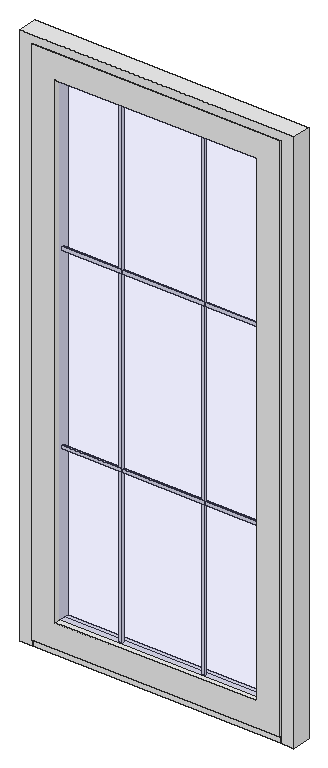
Revit family "Door_Curtain_Wall-Outswing-Traco-NX-8910-One_Panel", category Curtain Panels, Revit 2015
Parameters (values of type "NX-8910 - One_Panel")
  Water Resistance = 15.0000 psf
  Uniform Load Structural = 75.0000 psf
  Uniform Load Deflection = 50.0000 psf
  Sill Type = Door_Frame-Outswing-Traco-(NX-8910)-Single_Panel : Standard Sill
  Product data url = "https://bimobject.com/kawneerna/product/89101"
  Product Page URL = "http://www.alcoa.com/traco/en/product.asp?cat_id=1912&prod_id=4259"
  Product Documentation Link = "http://www.alcoa.com/traco/en/cad_spec.asp?cat_id=1912&prod_id=4259&area=prod"
  Panel Width [instance] = Door Width - 0' 4 1/2"  # 3' - 7 1/2"
  Panel Material [instance] = Aluminum - Traco - Anodized - Gray
  Panel Height [instance] = Door Height - 0' 2 1/2"  # 7' - 9 1/2"
  Muntin Type = Muntin-Grid-Traco-Lites : Interior
  Glass Material [instance] = Glass - Traco - Clear
  Frame Material [instance] = Aluminum - Traco - Anodized - Gray
  Door Width [instance] = if(CTRL Opening Width < Door Width Minimum, Door Width Minimum, if(CTRL Opening Width > Door Width Maximum, Door Width Maximum, CTRL Opening Width))  # 4' - 0"
  Door Height [instance] = if(CTRL Opening Height < Door Height Minimum, Door Height Minimum, if(CTRL Opening Height > Door Height Maximum, Door Height Maximum, CTRL Opening Height))  # 8' - 0"
  Door Base = 0' - 1 1/8"
  Copyright © = "2011 Traco"  # constant formula
  CTRL Opening Width [instance] = 5' - 5.50212"
  URL = "http://www.alcoa.com/traco/en/home.asp"
  U Factor = "0.40*"
  Type Comments = "1 Panel"
  Test Size = "48\" X 96\""
  Muntin [instance] = yes
  Model = "NX-8910"
  Manufacturer = "Traco"  # constant formula
  CTRL Opening Height [instance] = 8' - 0"
  Forced Entry Resistance = ""
  Door Width Minimum [instance] = 3' - 0"
  Door Width Maximum [instance] = 4' - 0"
  Door Swing Angle [instance] = 90.00°
  Door Height Minimum [instance] = 6' - 0"
  Door Height Maximum [instance] = 8' - 0"
  Designation = "AAMA/WDMA/CSA 101/I.S.2/A-440-05: HS-C50 And AAMA/WDMA/CSA 101/I.S.2/A-440-08:AW-PG50-ATD"
  Description = ""
  Condensation Resistance = "48"
  Assembly Code = "B2020220"
  Allowable Air Infiltration Maximum = "0.1 @ 6.2 PSF"
Reference planes (in)
  plane 1 "Front": y = 0
  plane 2 "Bottom": z = 0
  plane 3 "Center (Left/Right)": x = 0
  plane 4 "Left": x = -32.75106
  plane 5 "Right": x = 32.75106
  plane 6 "Top": z = 96
  plane 7 "Door Base": z = 1.125
  plane 8: y = 1.25
  plane 9 "Frame Left": x = -24
  plane 10 "Frame Right": x = 24
  plane 11 "Panel Left": x = -21.75
  plane 12 "Panel Right": x = 21.75
  plane 13 "Stop Front": y = 2.5
Text (in)
  text "Exterior" at (-54.29358, -32.61257, 0), in view "Ref. Level"
  text "Exterior" at (480, 41.53993, 89.60405), in view "Right"
  text "Exterior" at (-240, 57.82419, 105.78864), in view "Left"
Dimensions and locks (in)
  equal spacing: plane 4 "Left", plane 3 "Center (Left/Right)", plane 5 "Right"
  "Door Base": plane 2 "Bottom" to plane 7 "Door Base"
  "CTRL Opening Width": plane 4 "Left" to plane 5 "Right"
  "CTRL Opening Height": plane 6 "Top" to plane 2 "Bottom"
  locked: plane 9 "Frame Left" to plane 11 "Panel Left" at 2.25
  locked: plane 12 "Panel Right" to plane 10 "Frame Right" at 2.25
  locked: plane 1 "Front" to plane 13 "Stop Front" at 2.5
  locked: plane 1 "Front" to plane 8 at 1.25
  aligned and locked: level to plane 2 "Bottom"
  aligned: nested 2 to nested 1
  aligned: nested 1 to nested 2
  aligned and locked: nested 1 to plane 7 "Door Base"
  aligned and locked: nested 3 to plane 7 "Door Base"
  aligned and locked: plane 13 "Stop Front" to nested 1
  aligned: nested 1 to plane 11 "Panel Left"
  aligned and locked: plane 3 "Center (Left/Right)" to nested 1
Nested families (in)
  nested 1: "Door-Glass_Panel-Traco-(TR-8910)" at (14.25, 2.5, 1.125) x (-1, 0, 0) z (0, 0, 1), Width <- "Panel Width", Height <- "Panel Height", Panel Material <- "Panel Material", Glass Material <- "Glass Material", Angle <- "Door Swing Angle", type "S", detail levels fine
    with built-in parameter 1001301 3' - 7 1/2", built-in parameter 1001302 0' - 2 3/4", Panel Offset 0' - 4 1/4", Panel Material Aluminum - Traco - Anodized - Gray, Panel Finish none, Hidden Swing Angle 90.00°, built-in parameter 1001300 7' - 9 1/2", Glazing Thickness 0' - 1", Glazing "Low E-Argon", Glass Material Glass - Traco - Clear, Elevation Swing yes, Angle 90.00°
  nested 2: "Door_Frame-Outswing-Traco-(NX-8910)-Single_Panel" at (0, 1.625, 0), type <- "Sill Type", type "Standard Sill"
    with Standard Sill yes, Optional Sill no
  nested 3: "Muntin-Grid-Traco-Lites" at (0, 1.25, 47.875) x (-1, 0, 0) z (0, 1, 0), Sash Height <- "Panel Height", Length <- "Panel Width", type <- "Muntin Type", visible <- "Muntin", type "Interior"
    with Sash Height 7' - 9 1/2", Material Aluminum - Traco - Anodized - Gray, Length 3' - 7 1/2", Glazing Thickness 0' - 0 7/8", CTRL Muntin Vertical Distance 2' - 7.16667", CTRL Muntin Horizontal Distance 1' - 2 1/2", CTRL Face Offset 0' - 0 1/4", CTRL Bar Vertical Visibility no, CTRL Bar Horizontal Visibility no, CTRL Array Vertical Visibility yes, CTRL Array Horizontal Visibility yes, Has Interior Muntins yes, Has Exterior Muntins no
  nested 4: "Muntin-Trapezoid-Traco-Single" at (-7.25, 1.0625, 47.875) x (0, 0, -1) z (0, 1, 0), type "Standard Colonial"
    with Material Aluminum - Traco - Anodized - Gray, Length 7' - 9 1/2", Width Top 0' - 0 9/16", Width Base 0' - 0 9/16", Height 0' - 0 5/16"
  nested 5: "Muntin-Trapezoid-Traco-Single" at (0, 1.0625, 63.45833) x (1, 0, 0) z (0, 1, 0), type "Standard Colonial"
    with Material Aluminum - Traco - Anodized - Gray, Length 3' - 7 1/2", Width Top 0' - 0 9/16", Width Base 0' - 0 9/16", Height 0' - 0 5/16"
  nested 6: "Muntin-Trapezoid-Traco-Single" at (7.25, 1.0625, 47.875) x (0, 0, -1) z (0, 1, 0), type "Standard Colonial"
    with Material Aluminum - Traco - Anodized - Gray, Length 7' - 9 1/2", Width Top 0' - 0 9/16", Width Base 0' - 0 9/16", Height 0' - 0 5/16"
  nested 7: "Muntin-Trapezoid-Traco-Single" at (0, 1.0625, 32.29167) x (1, 0, 0) z (0, 1, 0), type "Standard Colonial"
    with Material Aluminum - Traco - Anodized - Gray, Length 3' - 7 1/2", Width Top 0' - 0 9/16", Width Base 0' - 0 9/16", Height 0' - 0 5/16"
Definition of nested family "Door-Glass_Panel-Traco-(TR-8910)"
  Parameters
    Width [instance] = 3' - 0"
    Visible Light Transmission = 0
    URL = "www.integratedcontentsolutions.com"
    U Value = 0
    Type Comments = "Panel theory and model developed by Integrated Content Solutions"  # constant formula
    Thickness [instance] = 0' - 2 3/4"
    Stile Right = 0' - 4 1/8"
    Stile Left = 0' - 4 1/8"
    Solar Heat Gain Coefficient = 0
    Rail Head = 0' - 4 1/8"
    Rail Bottom = 0' - 4 1/8"
    R Value = 0
    Product Documentation Link = "www.integratedcontentsolutions.com"
    Panel Offset [instance] = 0' - 4 1/4"
    Panel Material [instance] = none
    Panel Finish [instance] = none
    Manufacturer = "Integrated Content Solutions"  # constant formula
    LEED Credit = ""
    Hidden Swing Angle [instance] = 90.00°
    Height [instance] = 7' - 0"
    Glazing Thickness [instance] = 0' - 1"
    Glazing [instance] = "Low E-Argon"
    Glass Material [instance] = none
    Function = 1
    Energy Star Zone = ""
    Elevation Swing [instance] = yes
    Copyright © = "Integrated Content Solutions © 2009"  # constant formula
    Assembly Code = "C1020110"
    Appear In Schedule = 0 = 1  # no
    Angle [instance] = 90.00°
    Air Leakage = 0
  Reference planes (in)
    plane 1 "Exterior": y = 0
    plane 2 "Bottom": z = 0
    plane 3 "Strike": x = 0
    plane 4 "Interior": y = -2.75
    plane 5 "Hinge": x = 36
    plane 6 "Top": z = 84
    plane 7 "Panel Center of Thickness": y = -1.375
    plane 8 "Panel Left": x = 4.125
    plane 9 "Panel Right": x = 31.875
    plane 10 "Panel Top": z = 79.875
    plane 11 "Panel Bottom": z = 4.125
    plane 12 "Glass Exterior": y = -0.875
    plane 13 "Glass Interior": y = -1.875
    plane 14 "Center L_R": x = 18
  Forms (in)
    Extrusion 1, solid, material <- "Panel Material"
      sketch origin (0, 0, 0) x (1, 0, 0) y (0, 0, 1)
        loop
          line (0, 84) -> (0, 0) -> (36, 0) -> (36, 84) -> (0, 84)
        loop
          line (4.125, 79.875) -> (4.125, 4.125) -> (31.875, 4.125) -> (31.875, 79.875) -> (4.125, 79.875)
      from 0 to 2.75
    Extrusion 2, solid, material <- "Glass Material"
      sketch origin (0, 0, 0) x (1, 0, 0) y (0, 0, -1)
        loop
          line (4.125, -79.875) -> (31.875, -79.875) -> (31.875, -4.125) -> (4.125, -4.125) -> (4.125, -79.875)
      from -1.875 to -0.875
  Lines and regions (in)
    Masking region 1
      outline origin (0, -1.375, 0) x (-1, 0, 0) y (0, 0, 1)
        loop
          line (0, 0) -> (0, 84) -> (-36, 84) -> (-36, 0) -> (0, 0)
        loop
          line (-4.125, 4.125) -> (-4.125, 79.875) -> (-31.875, 79.875) -> (-31.875, 4.125) -> (-4.125, 4.125)
    symbolic lines
      curve 1: line (4.125, -1.375, 4.125) -> (31.875, -1.375, 4.125)
      curve 2: line (4.125, -1.375, 79.875) -> (4.125, -1.375, 4.125)
      curve 3: line (31.875, -1.375, 79.875) -> (4.125, -1.375, 79.875)
      curve 4: line (31.875, -1.375, 4.125) -> (31.875, -1.375, 79.875)
  Dimensions and locks (in)
    "Width": plane 3 "Strike" to plane 5 "Hinge"
    "Thickness": plane 4 "Interior" to plane 1 "Exterior"
    "Height": plane 6 "Top" to plane 2 "Bottom"
    equal spacing: plane 4 "Interior", plane 7 "Panel Center of Thickness", plane 1 "Exterior"
    "Stile Left": plane 8 "Panel Left" to plane 3 "Strike"
    "Stile Right": plane 5 "Hinge" to plane 9 "Panel Right"
    "Rail Bottom": plane 11 "Panel Bottom" to plane 2 "Bottom"
    "Rail Head": plane 6 "Top" to plane 10 "Panel Top"
    equal spacing: plane 13 "Glass Interior", plane 7 "Panel Center of Thickness", plane 12 "Glass Exterior"
    "Glazing Thickness": plane 13 "Glass Interior" to plane 12 "Glass Exterior"
    equal spacing: plane 5 "Hinge", plane 14 "Center L_R", plane 3 "Strike"
    aligned and locked: plane 3 "Strike" to Extrusion 1 sketch curve
    aligned and locked: Extrusion 1 sketch curve to plane 6 "Top"
    aligned and locked: level to Extrusion 1 sketch curve
    aligned and locked: Extrusion 1 sketch curve to plane 5 "Hinge"
    aligned and locked: Extrusion 1 to plane 1 "Exterior"
    aligned and locked: plane 4 "Interior" to Extrusion 1
    aligned and locked: level to plane 2 "Bottom"
    aligned and locked: plane 8 "Panel Left" to Extrusion 1 sketch curve
    aligned and locked: Extrusion 1 sketch curve to plane 10 "Panel Top"
    aligned and locked: plane 11 "Panel Bottom" to Extrusion 1 sketch curve
    aligned and locked: Extrusion 1 sketch curve to plane 9 "Panel Right"
    aligned and locked: Extrusion 2 to plane 13 "Glass Interior"
    aligned and locked: plane 12 "Glass Exterior" to Extrusion 2
    aligned and locked: plane 6 "Top" to Masking region 1 sketch curve
    aligned and locked: Masking region 1 sketch curve to plane 3 "Strike"
    aligned and locked: plane 5 "Hinge" to Masking region 1 sketch curve
    aligned and locked: Masking region 1 sketch curve to plane 2 "Bottom"
    aligned and locked: curve 2 to plane 8 "Panel Left"
    aligned and locked: plane 10 "Panel Top" to curve 3
    aligned and locked: plane 9 "Panel Right" to curve 4
    aligned and locked: curve 1 to plane 11 "Panel Bottom"
    aligned and locked: plane 4 "Interior" to nested 1
    aligned and locked: Extrusion 2 to plane 8 "Panel Left"
    aligned and locked: plane 9 "Panel Right" to Extrusion 2
    aligned and locked: plane 10 "Panel Top" to Masking region 1 sketch curve
    aligned and locked: Masking region 1 sketch curve to plane 8 "Panel Left"
    aligned and locked: plane 9 "Panel Right" to Masking region 1 sketch curve
    aligned and locked: Masking region 1 sketch curve to plane 11 "Panel Bottom"
    aligned and locked: Extrusion 2 sketch curve to plane 10 "Panel Top"
    aligned and locked: Extrusion 2 sketch curve to plane 9 "Panel Right"
    aligned and locked: plane 8 "Panel Left" to Extrusion 2 sketch curve
    aligned and locked: plane 11 "Panel Bottom" to Extrusion 2 sketch curve
  Nested families (in)
    nested 1: "Plan Swing" at (0, -2.75, 0), Width <- "Width", Thickness <- "Thickness", Height <- "Height", Angle <- "Angle", Elevation Swing Visibility <- "Elevation Swing", Hidden Swing Angle <- "Hidden Swing Angle", type "Plan Swing"
      with Width 3' - 0", Thickness 0' - 2 3/4", Slide Indicator Visbility no, Plan Swing Visibility yes, Hidden Swing Visibility no, Hidden Swing Angle 90.00°, Hidden Angle CTRL 90.00°, Height 7' - 0", Elevation Swing Visibility yes, Closed Panel Visaibilty no, Angle CTRL 90.00°, Angle 90.00°
  Definition of nested family "Plan Swing"
    Parameters
      Width [instance] = 3' - 0"
      URL = "www.integratedcontentsolutions.com"
      Type Comments = "Swing graphics developed by Integrated Content Solutions"  # constant formula
      Thickness [instance] = 0' - 2"
      Slide Indicator Visbility [instance] = no
      Plan Swing Visibility [instance] = Angle > 0.00°  # yes
      Manufacturer = "Integrated Content Solutions"  # constant formula
      Hidden Swing Visibility [instance] = yes
      Hidden Swing Angle [instance] = 90.00°
      Hidden Angle CTRL [instance] = if(Hidden Swing Angle < 5.00°, 5.00°, if(Hidden Swing Angle > 175.00°, 175.00°, Hidden Swing Angle))  # 90.00°
      Height [instance] = 7' - 0"
      Elevation Swing Visibility [instance] = yes
      Copyright © = "Integrated Content Solutions © 2009"  # constant formula
      Closed Panel Visaibilty [instance] = Angle = 0.00°  # no
      Assembly Code = ""
      Angle CTRL [instance] = if(Angle < 5.00°, 5.00°, if(Angle > 175.00°, 175.00°, Angle))  # 45.00°
      Angle [instance] = 45.00°
    Reference planes (in)
      plane 1 "Exterior": y = 0
      plane 2 "Bottom": z = 0
      plane 3 "Strike": x = 0
      plane 4 "Hinge": x = 36
      plane 5 "Top": z = 84
      plane 6 "Interior": y = -2
    Lines and regions (in)
      model lines
        curve 1: line (0, 0, 0) -> (0, -2, 0)
        curve 2: line (36, -2, 0) -> (36, 0, 0)
      symbolic lines, visible <- "Plan Swing Visibility"
        curve 3: line (36, 0, 0) -> (10.54416, 25.45584, 0)
        curve 4: line (10.54416, 25.45584, 0) -> (9.12994, 24.04163, 0)
        curve 5: line (9.12994, 24.04163, 0) -> (34.58579, -1.41421, 0)
        curve 6: line (34.58579, -1.41421, 0) -> (36, 0, 0)
        curve 13: arc (10.54416, 25.45584, 0) -> (2.74034, 13.7766, 0) -> (0, 0, 0) r 36
      symbolic lines, visible <- "Elevation Swing Visibility"
        curve 7: line (0, -2, 84) -> (36, -2, 42)
        curve 8: line (36, -2, 42) -> (0, -2, 0)
      symbolic lines, visible <- "Hidden Swing Visibility"
        curve 9: line (36, 0, 0) -> (36, 36, 0)
        curve 10: line (36, 36, 0) -> (34, 36, 0)
        curve 11: line (34, 36, 0) -> (34, 0, 0)
        curve 12: line (34, 0, 0) -> (36, 0, 0)
        curve 18: arc (0, 0, 0) -> (10.54416, 25.45584, 0) -> (36, 36, 0) r 36
      symbolic lines, visible <- "Closed Panel Visaibilty"
        curve 14: line (0, 0, 0) -> (36, 0, 0)
        curve 15: line (0, -2, 0) -> (0, 0, 0)
        curve 16: line (36, -2, 0) -> (0, -2, 0)
        curve 17: line (36, 0, 0) -> (36, -2, 0)
      symbolic lines, visible <- "Slide Indicator Visbility"
        curve 19: line (18, -2, 42.16893) -> (15.87868, -2, 44.29025)
        curve 20: line (18, -2, 42.16893) -> (15.87868, -2, 40.04761)
        curve 21: line (18, -2, 42.16893) -> (9, -2, 42.16893)
    Dimensions and locks (in)
      "Width": plane 3 "Strike" to plane 4 "Hinge"
      "Height": plane 5 "Top" to plane 2 "Bottom"
      equal spacing: plane 5 "Top", curve 8, plane 2 "Bottom"
      "Thickness": plane 6 "Interior" to plane 1 "Exterior"
      "Thickness": curve 3 to curve 5
      "Width": curve 6 to curve 4
      "Width": curve 9 to curve 9
      "Thickness": curve 9 to curve 11
      locked: curve 21 to curve 21 at 9
      equal spacing: plane 4 "Hinge", curve 21, plane 3 "Strike"
      locked: curve 3 to curve 6 (angle 90.00°)
      locked: curve 5 to curve 6 (angle 90.00°)
      locked: curve 4 to curve 3 (angle 90.00°)
      locked: curve 9 to curve 12 (angle 90.00°)
      locked: curve 11 to curve 12 (angle 90.00°)
      locked: curve 10 to curve 9 (angle 90.00°)
      "Hidden Angle CTRL": angle curve 9 to plane 1 "Exterior"
      "Angle CTRL": angle curve 3 to plane 1 "Exterior"
      aligned and locked: plane 2 "Bottom" to level
      aligned and locked: plane 1 "Exterior" to curve 2
      aligned and locked: plane 4 "Hinge" to curve 2
      aligned and locked: plane 6 "Interior" to curve 1
      aligned and locked: plane 6 "Interior" to curve 2
      aligned and locked: plane 4 "Hinge" to curve 9
      aligned and locked: curve 1 to plane 3 "Strike"
      aligned and locked: plane 3 "Strike" to curve 15
      aligned and locked: plane 1 "Exterior" to curve 14
    Automatic sketch dimensions
      curve 8 to level = 0' - 0"
      curve 8 to plane 3 "Strike" = 0' - 0"
      curve 7 to plane 3 "Strike" = 0' - 0"
      curve 7 to plane 4 "Hinge" = 0' - 0"
      curve 7 to plane 5 "Top" = 0' - 0"
      curve 19 to curve 20 = 0' - 0"
      curve 20 to curve 20 = 0' - 2.12132"
      curve 20 to curve 7 = 0' - 1.95239"
      curve 20 to curve 19 = 0' - 2.12132"
Definition of nested family "Door_Frame-Outswing-Traco-(NX-8910)-Single_Panel"
  Parameters
    Standard Sill = no
    Optional Sill = yes
    Jamb Thickness = 0' - 2 1/4"
    Head Thickness = 0' - 1 3/4"
    Frame Material = none
    Frame Depth = 0' - 3 1/4"
    Door Width = 4' - 0"
    Door Height = 8' - 0"
    Assembly Code = ""
  Reference planes (in)
    plane 1 "Center (Front/Back)": y = 0
    plane 2 "Bottom": z = 0
    plane 3 "Center (Left/Right)": x = 0
    plane 4 "Exterior": y = 1.625
    plane 5 "Interior": y = -1.625
    plane 6 "Left": x = -24
    plane 7 "Right": x = 24
    plane 8 "Top": z = 96
    plane 9 "Inside Frame Left Side": x = -21.75
    plane 10 "Inside Frame Right Side": x = 21.75
    plane 11 "Top Inset": z = 94.25
    plane 12 "Bottom Inset": z = 1.5
    plane 13 "Left Stop Right": x = -20.625
    plane 14 "Right Stop Left": x = 20.625
    plane 15 "Stop Back": y = 1
    plane 16 "Stop Front": y = 0.875
    plane 17 "Panel Top": z = 93.375
    plane 18 "Panel Bottom": z = 2.4375
    plane 19: z = 0.875
  Forms (in)
    Extrusion 1, solid, material <- "Frame Material", visible <- "Standard Sill"
      sketch origin (0, 0, 0) x (0, 1, 0) y (0, 0, 1)
        loop
          line (1.625, 0) -> (1.625, 2) -> (0.875, 2.4375) -> (0.875, 1.5) -> (-1.625, 1.5) -> (-1.625, 0) -> (1.625, 0)
      from -21.75 to 21.75
    Extrusion 2, solid, material <- "Frame Material"
      sketch origin (0, 0, 0) x (0, 1, 0) y (0, 0, 1)
        loop
          line (-1.625, 96) -> (-1.625, 94.25) -> (0.875, 94.25) -> (0.875, 93.375) -> (1, 93.375) -> (1, 94.25) -> (1.625, 94.25) -> (1.625, 96) -> (-1.625, 96)
      from -21.75 to 21.75
    Extrusion 3, solid, material <- "Frame Material"
      sketch origin (0, 0, 0) x (1, 0, 0) y (0, 1, 0)
        loop
          line (-24, -1.625) -> (-21.75, -1.625) -> (-21.75, 0.875) -> (-20.625, 0.875) -> (-20.625, 1) -> (-21.75, 1) -> (-21.75, 1.625) -> (-24, 1.625) -> (-24, -1.625)
        loop
          line (21.75, -1.625) -> (24, -1.625) -> (24, 1.625) -> (21.75, 1.625) -> (21.75, 1) -> (20.625, 1) -> (20.625, 0.875) -> (21.75, 0.875) -> (21.75, -1.625)
      from 0 to 96
    Extrusion 4, solid, material <- "Frame Material", visible <- "Optional Sill"
      sketch origin (0, 0, 0) x (0, 1, 0) y (0, 0, 1)
        loop
          line (-1.625, 0.875) -> (-1.625, 0) -> (1.625, 0) -> (1.625, 0.875) -> (0.875, 1.125) -> (0.875, 0.875) -> (-1.625, 0.875)
      from -21.75 to 21.75
  Cuts and joins
    joined: Extrusion 2, Extrusion 3
  Lines and regions (in)
    Masking region 1
      outline origin (0, 0, 96) x (-1, 0, 0) y (0, -1, 0)
        loop
          line (24, 1.625) -> (-24, 1.625) -> (-24, -1.625) -> (24, -1.625) -> (24, 1.625)
    Masking region 2
      outline origin (0, 0, 0) x (1, 0, 0) y (0, 0, 1)
        loop
          line (-24, 0) -> (24, 0) -> (24, 96) -> (-24, 96) -> (-24, 0)
        loop
          line (-20.625, 2.4375) -> (20.625, 2.4375) -> (20.625, 93.375) -> (-20.625, 93.375) -> (-20.625, 2.4375)
    symbolic lines, detail levels medium+fine
      curve 1: line (-21.75, -1.625, 0) -> (-21.75, 0.875, 0)
      curve 2: line (-21.75, 0.875, 0) -> (-20.625, 0.875, 0)
      curve 3: line (-20.625, 0.875, 0) -> (-20.625, 1, 0)
      curve 4: line (-20.625, 1, 0) -> (-21.75, 1, 0)
      curve 5: line (-21.75, 1, 0) -> (-21.75, 1.625, 0)
      curve 6: line (21.75, -1.625, 96) -> (21.75, 0.875, 96)
      curve 7: line (21.75, 0.875, 96) -> (20.625, 0.875, 96)
      curve 8: line (20.625, 0.875, 96) -> (20.625, 1, 96)
      curve 9: line (20.625, 1, 96) -> (21.75, 1, 96)
      curve 10: line (21.75, 1, 96) -> (21.75, 1.625, 96)
      curve 11: line (-21.75, -1.625, 0.875) -> (21.75, -1.625, 0.875)
      curve 12: line (-21.75, -1.625, 96) -> (-21.75, -1.625, 0.875)
      curve 13: line (21.75, -1.625, 94.25) -> (-21.75, -1.625, 94.25)
      curve 14: line (21.75, -1.625, 0.875) -> (21.75, -1.625, 96)
      curve 15: line (-21.75, -1.625, 1.5) -> (21.75, -1.625, 1.5)
      curve 16: line (20.625, -1.625, 1.5) -> (20.625, -1.625, 2.4375)
      curve 17: line (20.625, -1.625, 2.4375) -> (21.75, -1.625, 2.4375)
      curve 18: line (-20.625, -1.625, 1.5) -> (-20.625, -1.625, 2.4375)
      curve 19: line (-21.75, -1.625, 2.4375) -> (-20.625, -1.625, 2.4375)
      curve 20: line (20.625, -1.625, 93.375) -> (21.75, -1.625, 93.375)
      curve 21: line (20.625, -1.625, 93.375) -> (20.625, -1.625, 94.25)
      curve 22: line (-21.75, -1.625, 93.375) -> (-20.625, -1.625, 93.375)
      curve 23: line (-20.625, -1.625, 93.375) -> (-20.625, -1.625, 94.25)
      curve 24: line (-21.75, 1.625, 0) -> (-21.75, 1.625, 96)
      curve 25: line (21.75, 1.625, 96) -> (21.75, 1.625, 0)
      curve 26: line (21.75, 1.625, 0.875) -> (-21.75, 1.625, 0.875)
      curve 27: line (-21.75, 1.625, 1.5) -> (21.75, 1.625, 1.5)
      curve 28: line (20.625, 1.625, 1.5) -> (20.625, 1.625, 2.4375)
      curve 29: line (20.625, 1.625, 2.4375) -> (21.75, 1.625, 2.4375)
      curve 30: line (-20.625, 1.625, 1.5) -> (-20.625, 1.625, 2.4375)
      curve 31: line (-20.625, 1.625, 2.4375) -> (-21.75, 1.625, 2.4375)
      curve 32: line (-20.625, 1.625, 93.375) -> (-21.75, 1.625, 93.375)
      curve 33: line (-20.625, 1.625, 93.375) -> (-20.625, 1.625, 94.25)
      curve 34: line (-21.75, 1.625, 94.25) -> (21.75, 1.625, 94.25)
      curve 35: line (20.625, 1.625, 94.25) -> (20.625, 1.625, 93.375)
      curve 36: line (20.625, 1.625, 93.375) -> (21.75, 1.625, 93.375)
  Dimensions and locks (in)
    equal spacing: plane 4 "Exterior", plane 1 "Center (Front/Back)", plane 5 "Interior"
    "Frame Depth": plane 4 "Exterior" to plane 5 "Interior"
    equal spacing: plane 6 "Left", plane 3 "Center (Left/Right)", plane 7 "Right"
    "Door Width": plane 6 "Left" to plane 7 "Right"
    "Head Thickness": plane 8 "Top" to plane 11 "Top Inset"
    "Jamb Thickness": plane 7 "Right" to plane 10 "Inside Frame Right Side"
    "Jamb Thickness": plane 6 "Left" to plane 9 "Inside Frame Left Side"
    "Door Height": plane 8 "Top" to plane 2 "Bottom"
    locked: plane 12 "Bottom Inset" to plane 2 "Bottom" at 1.5
    locked: plane 1 "Center (Front/Back)" to plane 16 "Stop Front" at 0.875
    locked: plane 1 "Center (Front/Back)" to plane 15 "Stop Back" at 1
    locked: plane 9 "Inside Frame Left Side" to plane 13 "Left Stop Right" at 1.125
    locked: plane 14 "Right Stop Left" to plane 10 "Inside Frame Right Side" at 1.125
    locked: plane 18 "Panel Bottom" to plane 12 "Bottom Inset" at 0.9375
    locked: plane 11 "Top Inset" to plane 17 "Panel Top" at 0.875
    locked: plane 19 to plane 2 "Bottom" at 0.875
    aligned and locked: plane 2 "Bottom" to level
    aligned and locked: plane 9 "Inside Frame Left Side" to Extrusion 1
    aligned and locked: Extrusion 1 to plane 10 "Inside Frame Right Side"
    aligned and locked: plane 9 "Inside Frame Left Side" to Extrusion 2
    aligned and locked: Extrusion 2 to plane 10 "Inside Frame Right Side"
    aligned and locked: plane 8 "Top" to Extrusion 3
    aligned and locked: Extrusion 4 to plane 10 "Inside Frame Right Side"
    aligned and locked: plane 9 "Inside Frame Left Side" to Extrusion 4
    aligned and locked: plane 6 "Left" to Masking region 1 sketch curve
    aligned and locked: plane 7 "Right" to Masking region 1 sketch curve
    aligned and locked: plane 4 "Exterior" to Masking region 1 sketch curve
    aligned and locked: plane 5 "Interior" to Masking region 1 sketch curve
    aligned and locked: curve 1 to plane 9 "Inside Frame Left Side"
    aligned and locked: curve 2 to plane 16 "Stop Front"
    aligned and locked: curve 3 to plane 13 "Left Stop Right"
    aligned and locked: plane 15 "Stop Back" to curve 4
    aligned and locked: curve 5 to plane 9 "Inside Frame Left Side"
    aligned and locked: curve 10 to plane 10 "Inside Frame Right Side"
    aligned and locked: curve 9 to plane 15 "Stop Back"
    aligned and locked: curve 8 to plane 14 "Right Stop Left"
    aligned and locked: plane 16 "Stop Front" to curve 7
    aligned and locked: curve 6 to plane 10 "Inside Frame Right Side"
    aligned and locked: plane 8 "Top" to Masking region 2 sketch curve
    aligned and locked: plane 7 "Right" to Masking region 2 sketch curve
    aligned and locked: plane 6 "Left" to Masking region 2 sketch curve
    aligned and locked: Masking region 2 sketch curve to plane 2 "Bottom"
    aligned and locked: plane 13 "Left Stop Right" to Masking region 2 sketch curve
    aligned and locked: Masking region 2 sketch curve to plane 14 "Right Stop Left"
    aligned and locked: plane 11 "Top Inset" to curve 13
    aligned and locked: curve 14 to plane 10 "Inside Frame Right Side"
    aligned and locked: plane 9 "Inside Frame Left Side" to curve 12
    aligned and locked: curve 11 to plane 19
    aligned and locked: curve 15 to plane 12 "Bottom Inset"
    aligned and locked: curve 16 to plane 14 "Right Stop Left"
    aligned and locked: curve 17 to plane 18 "Panel Bottom"
    aligned and locked: curve 19 to plane 18 "Panel Bottom"
    aligned and locked: curve 18 to plane 13 "Left Stop Right"
    aligned and locked: curve 21 to plane 14 "Right Stop Left"
    aligned and locked: curve 20 to plane 17 "Panel Top"
    aligned and locked: curve 23 to plane 13 "Left Stop Right"
    aligned and locked: curve 22 to plane 17 "Panel Top"
    aligned and locked: plane 10 "Inside Frame Right Side" to curve 25
    aligned and locked: curve 36 to plane 17 "Panel Top"
    aligned and locked: plane 14 "Right Stop Left" to curve 35
    aligned and locked: curve 34 to plane 11 "Top Inset"
    aligned and locked: plane 17 "Panel Top" to curve 32
    aligned and locked: curve 33 to plane 13 "Left Stop Right"
    aligned and locked: curve 24 to plane 9 "Inside Frame Left Side"
    aligned and locked: plane 18 "Panel Bottom" to curve 31
    aligned and locked: curve 30 to plane 13 "Left Stop Right"
    aligned and locked: curve 27 to plane 12 "Bottom Inset"
    aligned and locked: plane 19 to curve 26
    aligned and locked: curve 29 to plane 18 "Panel Bottom"
    aligned and locked: curve 28 to plane 14 "Right Stop Left"
  Automatic sketch dimensions
    Extrusion 1 sketch curve to plane 5 "Interior" = 0' - 0"
    Extrusion 1 sketch curve to plane 4 "Exterior" = 0' - 0"
    Extrusion 1 sketch curve to level = 0' - 0"
    Extrusion 1 sketch curve to plane 4 "Exterior" = 0' - 0 3/4"
    plane 12 "Bottom Inset" to Extrusion 1 sketch curve = 0' - 0 1/2"
    Extrusion 1 sketch curve to Extrusion 1 sketch curve = 0' - 0 7/16"
    Extrusion 1 sketch curve to plane 12 "Bottom Inset" = 0' - 0"
    Extrusion 2 sketch curve to plane 5 "Interior" = 0' - 0"
    Extrusion 2 sketch curve to plane 11 "Top Inset" = 0' - 0"  (x2)
    Extrusion 2 sketch curve to plane 4 "Exterior" = 0' - 0"
    Extrusion 2 sketch curve to plane 8 "Top" = 0' - 0"
    Extrusion 2 sketch curve to plane 4 "Exterior" = 0' - 0 3/4"
    Extrusion 2 sketch curve to Extrusion 2 sketch curve = 0' - 0 1/8"
    Extrusion 2 sketch curve to Extrusion 2 sketch curve = 0' - 0 7/8"
    Extrusion 3 sketch curve to plane 4 "Exterior" = 0' - 0"  (x2)
    Extrusion 3 sketch curve to plane 6 "Left" = 0' - 0"
    Extrusion 3 sketch curve to plane 9 "Inside Frame Left Side" = 0' - 0"  (x2)
    plane 5 "Interior" to Extrusion 3 sketch curve = 0' - 0"  (x2)
    Extrusion 3 sketch curve to plane 10 "Inside Frame Right Side" = 0' - 0"  (x2)
    Extrusion 3 sketch curve to plane 7 "Right" = 0' - 0"
    Extrusion 3 sketch curve to plane 9 "Inside Frame Left Side" = 0' - 1 1/8"
    Extrusion 3 sketch curve to Extrusion 3 sketch curve = 0' - 1 1/8"
    Extrusion 3 sketch curve to plane 4 "Exterior" = 0' - 0 3/4"  (x2)
    Extrusion 3 sketch curve to Extrusion 3 sketch curve = 0' - 0 1/8"  (x2)
    Extrusion 4 sketch curve to plane 5 "Interior" = 0' - 0"
    Extrusion 4 sketch curve to level = 0' - 0"
    Extrusion 4 sketch curve to plane 4 "Exterior" = 0' - 0 3/4"
    Extrusion 4 sketch curve to plane 12 "Bottom Inset" = 0' - 0 5/8"  (x2)
    Extrusion 4 sketch curve to Extrusion 4 sketch curve = 0' - 0 1/4"
    Extrusion 4 sketch curve to plane 4 "Exterior" = 0' - 0"
    plane 5 "Interior" to curve 1 = 0' - 0"
    curve 5 to plane 4 "Exterior" = 0' - 0"
    plane 12 "Bottom Inset" to Masking region 2 sketch curve = 0' - 0 15/16"
    Masking region 2 sketch curve to plane 11 "Top Inset" = 0' - 0 7/8"
    curve 14 to plane 8 "Top" = 0' - 0"
    curve 12 to plane 8 "Top" = 0' - 0"
    curve 25 to level = 0' - 0"
    curve 24 to level = 0' - 0"
    curve 25 to plane 8 "Top" = 0' - 0"
    curve 24 to plane 8 "Top" = 0' - 0"
    curve 10 to plane 4 "Exterior" = 0' - 0"
    plane 5 "Interior" to curve 6 = 0' - 0"
Definition of nested family "Muntin-Trapezoid-Traco-Single"
  Parameters
    Width Top = 0' - 0 7/16"
    Width Base = 0' - 1"
    URL = "http://www.alcoa.com/traco/en/home.asp"
    Product Page URL = "http://www.alcoa.com/traco/en/product.asp?prod_id=4228"
    Product Documentation Link = "http://www.alcoa.com/traco/en/cad_spec.asp?prod_id=4228&area=prod"
    Material [instance] = none
    Manufacturer = "Traco"  # constant formula
    Length [instance] = 1' - 0"
    Height = 0' - 0 5/8"
    Description = "Trapezoidal Profile"
    Copyright © = "2011 Traco"  # constant formula
  Reference planes (in)
    plane 1 "Center (Front/Back)": y = 0
    plane 2 "Original Bottom": z = 0
    plane 3 "Center (Left/Right)": x = 0
    plane 4 "Left": x = -6
    plane 5 "Right": x = 6
    plane 6 "Back": y = 0.5
    plane 7 "Front": y = -0.5
    plane 8 "Back Inset": y = 0.21875
    plane 9 "Front Inset": y = -0.21875
    plane 10 "Top": z = 0.625
    plane 11 "Bottom": z = 0
  Forms (in)
    Sweep 1, solid, material <- "Material", detail levels medium+fine
      path origin (0, 0, 0) x (0, -1, 0) y (1, 0, 0)
        loop
          line (0, 6) -> (0, -6)
      profile origin (0, 0, 0) x (0, -1, 0) y (0, 0, 1)
        loop
          line (0.5, 0) -> (0.21875, 0.625) -> (-0.21875, 0.625) -> (-0.5, 0) -> (0.5, 0)
  Lines and regions (in)
    Masking region 1, detail levels medium+fine
      outline origin (0, 0, 0) x (0, 1, 0) y (0, 0, 1)
        loop
          line (0.5, 0) -> (0.21875, 0.625) -> (-0.21875, 0.625) -> (-0.5, 0) -> (0.5, 0)
    Masking region 2, detail levels medium+fine
      outline origin (0, 0, 0) x (1, 0, 0) y (0, 1, 0)
        loop
          line (6, -0.5) -> (6, 0.5) -> (-6, 0.5) -> (-6, -0.5) -> (6, -0.5)
    Masking region 3, detail levels medium+fine
      outline origin (0, 0, 0) x (1, 0, 0) y (0, 0, 1)
        loop
          line (6, 0) -> (6, 0.625) -> (-6, 0.625) -> (-6, 0) -> (6, 0)
    symbolic lines, detail levels coarse
      curve 1: line (0, 0, 0) -> (0, 0, 0.625)
      curve 2: line (-6, 0, 0) -> (6, 0, 0)
      curve 3: line (-6, 0, 0) -> (-6, 0, 0.625)
      curve 4: line (-6, 0, 0.625) -> (6, 0, 0.625)
      curve 5: line (6, 0, 0.625) -> (6, 0, 0)
    model lines, detail levels coarse
      curve 6: line (-6, 0, 0) -> (6, 0, 0)
  Dimensions and locks (in)
    equal spacing: plane 4 "Left", plane 3 "Center (Left/Right)", plane 5 "Right"
    "Length": plane 4 "Left" to plane 5 "Right"
    equal spacing: plane 6 "Back", plane 1 "Center (Front/Back)", plane 7 "Front"
    "Width Base": plane 7 "Front" to plane 6 "Back"
    equal spacing: plane 8 "Back Inset", plane 1 "Center (Front/Back)", plane 9 "Front Inset"
    "Width Top": plane 9 "Front Inset" to plane 8 "Back Inset"
    locked: plane 11 "Bottom" to plane 2 "Original Bottom" at 0
    "Height": plane 10 "Top" to plane 11 "Bottom"
    aligned and locked: plane 2 "Original Bottom" to level
    aligned and locked: plane 4 "Left" to Sweep 1 sketch curve
    aligned and locked: Sweep 1 sketch curve to plane 1 "Center (Front/Back)"
    aligned and locked: plane 5 "Right" to Sweep 1 sketch curve
    aligned and locked: plane 7 "Front" to Sweep 1 sketch curve
    aligned and locked: plane 11 "Bottom" to Sweep 1 sketch curve  (x2)
    aligned and locked: plane 6 "Back" to Sweep 1 sketch curve
    aligned and locked: plane 10 "Top" to Sweep 1 sketch curve
    aligned and locked: plane 8 "Back Inset" to Sweep 1 sketch curve
    aligned and locked: plane 9 "Front Inset" to Sweep 1 sketch curve
    aligned and locked: Sweep 1 sketch curve to plane 10 "Top"
    aligned and locked: Masking region 1 sketch curve to plane 11 "Bottom"
    aligned and locked: plane 10 "Top" to Masking region 1 sketch curve
    aligned and locked: plane 8 "Back Inset" to Masking region 1 sketch curve
    aligned and locked: plane 9 "Front Inset" to Masking region 1 sketch curve
    aligned and locked: plane 7 "Front" to Masking region 1 sketch curve
    aligned and locked: plane 6 "Back" to Masking region 1 sketch curve
    aligned and locked: curve 1 to plane 1 "Center (Front/Back)"
    aligned and locked: plane 11 "Bottom" to curve 1
    aligned and locked: plane 10 "Top" to curve 1
    aligned and locked: plane 4 "Left" to curve 2
    aligned and locked: plane 5 "Right" to curve 2
    aligned and locked: plane 1 "Center (Front/Back)" to curve 2
    aligned and locked: Masking region 2 sketch curve to plane 4 "Left"
    aligned and locked: Masking region 2 sketch curve to plane 5 "Right"
    aligned and locked: Masking region 2 sketch curve to plane 6 "Back"
    aligned and locked: Masking region 2 sketch curve to plane 7 "Front"
    aligned and locked: Masking region 3 sketch curve to plane 4 "Left"
    aligned and locked: Masking region 3 sketch curve to plane 5 "Right"
    aligned and locked: plane 11 "Bottom" to Masking region 3 sketch curve
    aligned and locked: Masking region 3 sketch curve to plane 10 "Top"
    aligned and locked: plane 11 "Bottom" to curve 3
    aligned and locked: plane 11 "Bottom" to curve 5
    aligned and locked: curve 5 to plane 5 "Right"
    aligned and locked: curve 3 to plane 4 "Left"
    aligned and locked: curve 4 to plane 10 "Top"
    aligned and locked: plane 5 "Right" to curve 6
    aligned and locked: plane 4 "Left" to curve 6
    aligned and locked: plane 1 "Center (Front/Back)" to curve 6
Definition of nested family "Muntin-Grid-Traco-Lites"
  Parameters
    URL = "http://www.alcoa.com/traco/en/home.asp"
    Sash Height [instance] = 4' - 0"
    Muntin Vertical Count = if((Lite Vertical Count - 1) < 2, 2, (Lite Vertical Count - 1))  # 2
    Muntin Type = Muntin-Trapezoid-Traco-Single : H-081
    Muntin Horizontal Count = if((Lite Horizontal Count - 1) < 2, 2, (Lite Horizontal Count - 1))  # 2
    Material [instance] = none
    Manufacturer = "Traco"  # constant formula
    Lite Vertical Count = 3
    Lite Horizontal Count = 3
    Length [instance] = 4' - 0"
    Has True Muntins = no
    Has Interior Muntins = no
    Has Exterior Muntins = yes
    Glazing Thickness [instance] = 0' - 0 7/8"
    Default Elevation = 4' - 0"
    Copyright © = "2011 Traco"  # constant formula
    CTRL Muntin Vertical Distance [instance] = Sash Height / (Lite Vertical Count)  # 1' - 4"
    CTRL Muntin Horizontal Distance [instance] = Length / (Lite Horizontal Count)  # 1' - 4"
    CTRL Face Offset [instance] = if(Has Interior Muntins, 0' 0 1/4", if(Has Exterior Muntins, Glazing Thickness, Glazing Thickness / 2))  # 0' - 0 7/8"
    CTRL Bar Vertical Visibility [instance] = Lite Vertical Count = 2  # no
    CTRL Bar Horizontal Visibility [instance] = Lite Horizontal Count = 2  # no
    CTRL Array Vertical Visibility [instance] = Lite Vertical Count > 2  # yes
    CTRL Array Horizontal Visibility [instance] = Lite Horizontal Count > 2  # yes
    Assembly Code = "B2020110"
  Reference planes (in)
    plane 1 "Center (Front/Back)": y = 0
    plane 2 "Original  Bottom": z = 0
    plane 3 "Center (Left/Right)": x = 0
    plane 4 "Left": x = -24
    plane 5 "Right": x = 24
    plane 6 "Bottom": z = 0.4375
    plane 7 "Glass Top": z = 0.4375
    plane 8 "Glass Bottom": z = -0.4375
    plane 9 "Back": y = 24
    plane 10 "Front": y = -24
    plane 11 "Bar 1 Vertical": y = -8
    plane 12 "Bar Last Vertical": y = 8
    plane 13 "Bar Last Horizontal": x = 8
    plane 14 "Bar 1 Horizontal": x = -8
  Forms (in)
    Extrusion 1, solid
      sketch origin (0, 0, 0) x (1, 0, 0) y (0, 1, 0)
        loop
          line (-48, 48) -> (-48, -48) -> (48, -48) -> (48, 48) -> (-48, 48)
      from 0 to -12
  Dimensions and locks (in)
    equal spacing: plane 4 "Left", plane 3 "Center (Left/Right)", plane 5 "Right"
    "Length": plane 4 "Left" to plane 5 "Right"
    "Glazing Thickness": plane 7 "Glass Top" to plane 8 "Glass Bottom"
    equal spacing: plane 9 "Back", plane 1 "Center (Front/Back)", plane 10 "Front"
    "Sash Height": plane 10 "Front" to plane 9 "Back"
    "CTRL Muntin Vertical Distance": plane 10 "Front" to plane 11 "Bar 1 Vertical"
    "CTRL Muntin Vertical Distance": plane 12 "Bar Last Vertical" to plane 9 "Back"
    "CTRL Muntin Horizontal Distance": plane 4 "Left" to plane 14 "Bar 1 Horizontal"
    "CTRL Muntin Horizontal Distance": plane 13 "Bar Last Horizontal" to plane 5 "Right"
    equal spacing: plane 7 "Glass Top", plane 2 "Original  Bottom", plane 8 "Glass Bottom"
    group 1 to group 2 = 0' - 0"  (x2)
    group 1 to group 2 = 1' - 4"
    group 3 to group 4 = 1' - 4"
    group 3 to group 4 = 0' - 0"  (x2)
    "CTRL Face Offset": plane 6 "Bottom" to plane 8 "Glass Bottom"
    aligned and locked: plane 2 "Original  Bottom" to Extrusion 1
    aligned and locked: level to Extrusion 1
    aligned and locked: plane 6 "Bottom" to nested 1
    aligned and locked: plane 6 "Bottom" to nested 3
    aligned and locked: plane 6 "Bottom" to nested 2
    aligned and locked: plane 6 "Bottom" to nested 4
    aligned and locked: nested 3 to plane 11 "Bar 1 Vertical"
    aligned and locked: nested 4 to plane 14 "Bar 1 Horizontal"
    aligned and locked: nested 3 to plane 3 "Center (Left/Right)"
    aligned and locked: plane 1 "Center (Front/Back)" to nested 4
    aligned and locked: plane 3 "Center (Left/Right)" to nested 2
    aligned and locked: nested 2 to plane 1 "Center (Front/Back)"
    aligned and locked: plane 1 "Center (Front/Back)" to nested 1
    aligned and locked: plane 3 "Center (Left/Right)" to nested 1
    aligned and locked: nested 5 to plane 3 "Center (Left/Right)"
    aligned and locked: plane 1 "Center (Front/Back)" to nested 6
    aligned and locked: plane 6 "Bottom" to nested 6
    aligned and locked: nested 5 to plane 12 "Bar Last Vertical"
    aligned and locked: nested 6 to plane 13 "Bar Last Horizontal"
    aligned and locked: plane 6 "Bottom" to nested 5
  Automatic sketch dimensions
    Extrusion 1 sketch curve to Extrusion 1 sketch curve = 8' - 0"  (x2)
  Nested families (in)
    nested 1: "Muntin-Trapezoid-Traco-Single" at (0, 0, 0.4375), Length <- "Length", visible <- "CTRL Bar Vertical Visibility", type <- "Muntin Type", Material <- "Material", type "H-081"
      with Material none, Length 4' - 0"
    nested 2: "Muntin-Trapezoid-Traco-Single" at (0, 0, 0.4375) x (0, 1, 0) z (0, 0, 1), Length <- "Sash Height", visible <- "CTRL Bar Horizontal Visibility", type <- "Muntin Type", Material <- "Material", type "H-081"
      with Material none, Length 4' - 0"
    nested 3: "Muntin-Trapezoid-Traco-Single" at (0, -8, 0.4375) x (-1, 0, 0) z (0, 0, 1), Length <- "Length", visible <- "CTRL Array Horizontal Visibility", type <- "Muntin Type", Material <- "Material", type "H-081"
      with Material none, Length 4' - 0"
    nested 4: "Muntin-Trapezoid-Traco-Single" at (-8, 0, 0.4375) x (0, -1, 0) z (0, 0, 1), Length <- "Sash Height", visible <- "CTRL Array Horizontal Visibility", type <- "Muntin Type", Material <- "Material", type "H-081"
      with Material none, Length 4' - 0"
    nested 5: "Muntin-Trapezoid-Traco-Single" at (0, 8, 0.4375) x (-1, 0, 0) z (0, 0, 1), Length <- "Length", visible <- "CTRL Array Horizontal Visibility", type <- "Muntin Type", Material <- "Material", type "H-081"
      with Material none, Length 4' - 0"
    nested 6: "Muntin-Trapezoid-Traco-Single" at (8, 0, 0.4375) x (0, -1, 0) z (0, 0, 1), Length <- "Sash Height", visible <- "CTRL Array Horizontal Visibility", type <- "Muntin Type", Material <- "Material", type "H-081"
      with Material none, Length 4' - 0"
  Definition of nested family "Muntin-Trapezoid-Traco-Single"
    Parameters
      Width Top = 0' - 0 7/16"
      Width Base = 0' - 1"
      URL = "http://www.alcoa.com/traco/en/home.asp"
      Product Page URL = "http://www.alcoa.com/traco/en/product.asp?prod_id=4228"
      Product Documentation Link = "http://www.alcoa.com/traco/en/cad_spec.asp?prod_id=4228&area=prod"
      Material [instance] = none
      Manufacturer = "Traco"  # constant formula
      Length [instance] = 1' - 0"
      Height = 0' - 0 5/8"
      Description = "Trapezoidal Profile"
      Copyright © = "2011 Traco"  # constant formula
    Reference planes (in)
      plane 1 "Center (Front/Back)": y = 0
      plane 2 "Original Bottom": z = 0
      plane 3 "Center (Left/Right)": x = 0
      plane 4 "Left": x = -6
      plane 5 "Right": x = 6
      plane 6 "Back": y = 0.5
      plane 7 "Front": y = -0.5
      plane 8 "Back Inset": y = 0.21875
      plane 9 "Front Inset": y = -0.21875
      plane 10 "Top": z = 0.625
      plane 11 "Bottom": z = 0
    Forms (in)
      Sweep 1, solid, material <- "Material", detail levels medium+fine
        path origin (0, 0, 0) x (0, -1, 0) y (1, 0, 0)
          loop
            line (0, 6) -> (0, -6)
        profile origin (0, 0, 0) x (0, -1, 0) y (0, 0, 1)
          loop
            line (0.5, 0) -> (0.21875, 0.625) -> (-0.21875, 0.625) -> (-0.5, 0) -> (0.5, 0)
    Lines and regions (in)
      Masking region 1, detail levels medium+fine
        outline origin (0, 0, 0) x (0, 1, 0) y (0, 0, 1)
          loop
            line (0.5, 0) -> (0.21875, 0.625) -> (-0.21875, 0.625) -> (-0.5, 0) -> (0.5, 0)
      Masking region 2, detail levels medium+fine
        outline origin (0, 0, 0) x (1, 0, 0) y (0, 1, 0)
          loop
            line (6, -0.5) -> (6, 0.5) -> (-6, 0.5) -> (-6, -0.5) -> (6, -0.5)
      Masking region 3, detail levels medium+fine
        outline origin (0, 0, 0) x (1, 0, 0) y (0, 0, 1)
          loop
            line (6, 0) -> (6, 0.625) -> (-6, 0.625) -> (-6, 0) -> (6, 0)
      symbolic lines, detail levels coarse
        curve 1: line (0, 0, 0) -> (0, 0, 0.625)
        curve 2: line (-6, 0, 0) -> (6, 0, 0)
        curve 3: line (-6, 0, 0) -> (-6, 0, 0.625)
        curve 4: line (-6, 0, 0.625) -> (6, 0, 0.625)
        curve 5: line (6, 0, 0.625) -> (6, 0, 0)
      model lines, detail levels coarse
        curve 6: line (-6, 0, 0) -> (6, 0, 0)
    Dimensions and locks (in)
      equal spacing: plane 4 "Left", plane 3 "Center (Left/Right)", plane 5 "Right"
      "Length": plane 4 "Left" to plane 5 "Right"
      equal spacing: plane 6 "Back", plane 1 "Center (Front/Back)", plane 7 "Front"
      "Width Base": plane 7 "Front" to plane 6 "Back"
      equal spacing: plane 8 "Back Inset", plane 1 "Center (Front/Back)", plane 9 "Front Inset"
      "Width Top": plane 9 "Front Inset" to plane 8 "Back Inset"
      locked: plane 11 "Bottom" to plane 2 "Original Bottom" at 0
      "Height": plane 10 "Top" to plane 11 "Bottom"
      aligned and locked: plane 2 "Original Bottom" to level
      aligned and locked: plane 4 "Left" to Sweep 1 sketch curve
      aligned and locked: Sweep 1 sketch curve to plane 1 "Center (Front/Back)"
      aligned and locked: plane 5 "Right" to Sweep 1 sketch curve
      aligned and locked: plane 7 "Front" to Sweep 1 sketch curve
      aligned and locked: plane 11 "Bottom" to Sweep 1 sketch curve  (x2)
      aligned and locked: plane 6 "Back" to Sweep 1 sketch curve
      aligned and locked: plane 10 "Top" to Sweep 1 sketch curve
      aligned and locked: plane 8 "Back Inset" to Sweep 1 sketch curve
      aligned and locked: plane 9 "Front Inset" to Sweep 1 sketch curve
      aligned and locked: Sweep 1 sketch curve to plane 10 "Top"
      aligned and locked: Masking region 1 sketch curve to plane 11 "Bottom"
      aligned and locked: plane 10 "Top" to Masking region 1 sketch curve
      aligned and locked: plane 8 "Back Inset" to Masking region 1 sketch curve
      aligned and locked: plane 9 "Front Inset" to Masking region 1 sketch curve
      aligned and locked: plane 7 "Front" to Masking region 1 sketch curve
      aligned and locked: plane 6 "Back" to Masking region 1 sketch curve
      aligned and locked: curve 1 to plane 1 "Center (Front/Back)"
      aligned and locked: plane 11 "Bottom" to curve 1
      aligned and locked: plane 10 "Top" to curve 1
      aligned and locked: plane 4 "Left" to curve 2
      aligned and locked: plane 5 "Right" to curve 2
      aligned and locked: plane 1 "Center (Front/Back)" to curve 2
      aligned and locked: Masking region 2 sketch curve to plane 4 "Left"
      aligned and locked: Masking region 2 sketch curve to plane 5 "Right"
      aligned and locked: Masking region 2 sketch curve to plane 6 "Back"
      aligned and locked: Masking region 2 sketch curve to plane 7 "Front"
      aligned and locked: Masking region 3 sketch curve to plane 4 "Left"
      aligned and locked: Masking region 3 sketch curve to plane 5 "Right"
      aligned and locked: plane 11 "Bottom" to Masking region 3 sketch curve
      aligned and locked: Masking region 3 sketch curve to plane 10 "Top"
      aligned and locked: plane 11 "Bottom" to curve 3
      aligned and locked: plane 11 "Bottom" to curve 5
      aligned and locked: curve 5 to plane 5 "Right"
      aligned and locked: curve 3 to plane 4 "Left"
      aligned and locked: curve 4 to plane 10 "Top"
      aligned and locked: plane 5 "Right" to curve 6
      aligned and locked: plane 4 "Left" to curve 6
      aligned and locked: plane 1 "Center (Front/Back)" to curve 6
